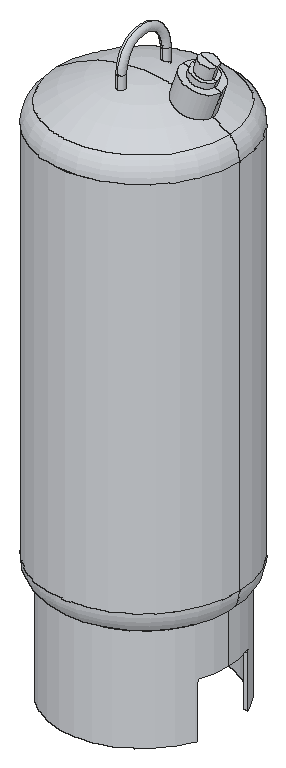
Revit family
Parameters (values of type "WX-50-CL 125# W.P.")
  Weight = "76 lbs"
  Tank Volume = "13 Gal"
  Tank Only/Less Stand = 31.402"
  Tank Height/Length = 35.063"
  Tank Diameter = 12.000"
  Pipe Connector Diameter = Pipe Connection Radius * 2  # 1.250"
  Pipe Connection Radius = 0.625"
  Model = "WX-50-CL"
  Maximum Acceptance Volume = "11 Gal"
  Max Operating Temp = "240 DEG F"
  Max Operating Pressure = "125 PSI"
  Manufacturer = "Amtrol"
  Lifting Ring Location = 3.500" / 2  # 1.750"
  Floor to Elbow Centerline = 1.688"
  Floor to Bottom of Tank = 3.661"
  Bladder/Diaphragm = "Bladder"
  ASME = yes
Reference planes (in)
  plane 1 "Center (Front/Back)": y = 0
  plane 2: z = 0
  plane 3 "Center (Left/Right)": x = 0
Forms (in)
  Revolve 1, solid
    sketch origin (0, 0, 0) x (1, 0, 0) y (0, 0, 1)
      loop
        line (3.20454, 4.357) -> (3.20454, 5.38871)
        arc (3.20454, 5.38871) -> (3.28098, 5.44343) -> (3.30625, 5.53397) r 0.14146
        arc (3.30625, 5.53397) -> (4.36924, 6.00724) -> (5.35602, 6.62385) r 8.34036
        arc (5.35602, 6.62385) -> (5.85151, 7.204) -> (6.02962, 7.94587) r 1.6341
        line (6.02962, 7.94587) -> (6.02962, 32.01863)
        arc (6.02962, 32.01863) -> (5.87295, 32.7404) -> (5.40065, 33.30822) r 1.55337
        arc (5.40065, 33.30822) -> (2.84317, 34.62525) -> (0, 35.063) r 8.95075
        line (0, 35.063) -> (0, 3.661) -> (3.19936, 3.661) -> (3.19936, 4.161) -> (2.165, 4.161) -> (2.165, 4.357) -> (3.20454, 4.357)
      axis (0, 3.661) -> (0, 35.063)
    angle from 0 to 360
  Revolve 2, solid
    sketch origin (0, 0, 0) x (1, 0, 0) y (0, 0, 1)
      loop
        line (3.1094, 34.2955) -> (4.28625, 33.86716) -> (4.88478, 35.51162) -> (4.468, 35.66332) -> (4.59637, 36.01603) -> (4.36507, 36.10022) -> (4.63254, 36.83509) -> (4.10378, 37.02755) -> (3.1094, 34.2955)
      axis (4.10378, 37.02755) -> (3.1094, 34.2955)
    angle from 0 to 360
  Revolve 3, solid
    sketch origin (0, 0, 0) x (1, 0, 0) y (0, 0, 1)
      loop
        line (-5.33638, 0) -> (-5.08638, 0) -> (-5.08638, 7.44707) -> (-5.33638, 7.44707) -> (-5.33638, 0)
      axis (0, 0) -> (0, 7.44707)
    angle from 0 to 360
  Revolve 4, solid
    sketch origin (0, 0, 0) x (1, 0, 0) y (0, 0, 1)
      loop
        line (0.6492, 3.3675) -> (0.6492, 4.19707) -> (0, 4.19707) -> (0, 3.3675) -> (0.6492, 3.3675)
      axis (0, 3.3675) -> (0, 4.19707)
    angle from 0 to 360
  Extrusion 5, void
    sketch origin (0, 0, 0) x (0, 1, 0) y (0, 0, 1)
      loop
        line (0, 3.5) -> (-1.75, 3.5)
        arc (-1.75, 3.5) -> (-1.92678, 3.42678) -> (-2, 3.25) r 0.25
        line (-2, 3.25) -> (-2, -0.25) -> (2, -0.25) -> (2, 3.25)
        arc (2, 3.25) -> (1.92678, 3.42678) -> (1.75, 3.5) r 0.25
        line (1.75, 3.5) -> (0, 3.5)
    from 2.84574 to 12
  Sweep 6, solid
    path origin (0, 0, 0) x (1, 0, 0) y (0, 0, 1)
      loop
        line (0, 3.188) -> (0, 2.886)
        arc (0, 2.886) -> (0.35089, 2.03889) -> (1.198, 1.688) r 1.198
        line (1.198, 1.688) -> (1.5, 1.688)
    profile origin (0, 0, 3.037) x (0, -1, 0) y (1, 0, 0)
      loop
        circle (0, 0) r 0.75
  Sweep 7, solid
    path origin (0, 0, -0.35777) x (0, 1, 0) y (0, 0, 1)
      loop
        line (1.75, 35.08602) -> (1.75, 36.00246)
        arc (1.75, 36.00246) -> (0, 37.75246) -> (-1.75, 36.00246) r 1.75
        line (-1.75, 36.00246) -> (-1.75, 35.08602)
    profile origin (0, 1.75, 35.18648) x (0, -1, 0) y (1, 0, 0)
      loop
        circle (0, 0) r 0.25
Cuts and joins
  Extrusion 5 cuts Revolve 3
  Extrusion 5 cuts Revolve 4
Dimensions and locks (in)
  "Floor to Elbow Centerline": Sweep 6 sketch curve to cut or joined group of Revolve 3, Extrusion 5
  "Lifting Ring Location": Sweep 7 sketch curve to plane 1 "Center (Front/Back)"
  Revolve 1 sketch curve to Revolve 1 sketch curve = 7.39738"
  "Floor to Bottom of Tank": Revolve 1 sketch curve to cut or joined group of Revolve 3, Extrusion 5
  "Tank Only/Less Stand": Revolve 1 sketch curve to Revolve 1 sketch curve
  Revolve 2 sketch curve to Revolve 2 sketch curve = 0.5627"
  Revolve 2 sketch curve to Revolve 2 sketch curve = 2.90738"
  Revolve 2 sketch curve to Revolve 2 sketch curve = 2.12534"
  Revolve 2 sketch curve to Revolve 2 sketch curve = 1.750"
  Revolve 2 sketch curve to Revolve 1 = 1.84853"
  Revolve 2 sketch curve to Revolve 1 = 2.27687"
  Revolve 1 to Sweep 7 sketch curve = 2.70963"  (x2)
  aligned and locked: plane 1 "Center (Front/Back)" to import instance
  aligned and locked: import instance to plane 3 "Center (Left/Right)"
Automatic sketch dimensions
  Revolve 4 sketch curve to plane 3 "Center (Left/Right)" = 0.000"  (x2)
  plane 3 "Center (Left/Right)" to Revolve 4 sketch curve = 0.6492"
  level to Revolve 4 sketch curve = 3.3675"
  Revolve 4 sketch curve to Revolve 4 sketch curve = 0.000"
  Revolve 4 sketch curve to Revolve 4 sketch curve = 0.82957"
  Revolve 4 sketch curve to Revolve 4 sketch curve = 1.25068"
  Extrusion 5 sketch curve to plane 1 "Center (Front/Back)" = 0.000"
  plane 1 "Center (Front/Back)" to Extrusion 5 sketch curve = 1.750"
  Extrusion 5 sketch curve to Extrusion 5 sketch curve = 0.250"  (x2)
  Extrusion 5 sketch curve to plane 1 "Center (Front/Back)" = 1.750"
  Extrusion 5 sketch curve to level = 0.250"
  level to Extrusion 5 sketch curve = 3.250"
  Sweep 6 sketch curve to plane 3 "Center (Left/Right)" = 0.000"
  Sweep 6 sketch curve to Sweep 6 sketch curve = 1.198"
  Sweep 6 sketch curve to Sweep 6 sketch curve = 0.302"  (x2)
  plane 1 "Center (Front/Back)" to Sweep 6 sketch curve = 0.000"
  Sweep 6 sketch curve to profile plane = 0.000"
  plane 1 "Center (Front/Back)" to Sweep 7 sketch curve = 0.000"
  Sweep 7 sketch curve to Sweep 7 sketch curve = 0.91644"
  Sweep 7 sketch curve to plane 3 "Center (Left/Right)" = 0.000"
  Sweep 7 sketch curve to profile plane = 0.000"
  Revolve 3 sketch curve to level = 0.000"  (x2)
  Revolve 3 sketch curve to plane 3 "Center (Left/Right)" = 0.000"
  Revolve 3 sketch curve to plane 3 "Center (Left/Right)" = 5.08638"
  Revolve 3 sketch curve to Revolve 3 sketch curve = 0.250"
  level to Revolve 3 sketch curve = 7.44707"
  Revolve 3 sketch curve to Revolve 3 sketch curve = 1.05293"
  Revolve 1 sketch curve to plane 3 "Center (Left/Right)" = 0.000"  (x2)
  plane 3 "Center (Left/Right)" to Revolve 1 sketch curve = 0.07724"
  plane 3 "Center (Left/Right)" to Revolve 1 sketch curve = 0.45368"
  plane 3 "Center (Left/Right)" to Revolve 1 sketch curve = 2.165"
  Revolve 1 sketch curve to Revolve 1 sketch curve = 1.0001"
  Revolve 1 sketch curve to Revolve 1 sketch curve = 1.03436"
  Revolve 1 sketch curve to Revolve 1 sketch curve = 0.00518"
  Revolve 1 sketch curve to Revolve 1 sketch curve = 0.14115"
  Revolve 1 sketch curve to Revolve 1 sketch curve = 1.08927"
  Revolve 1 sketch curve to Revolve 1 sketch curve = 0.9605"
  Revolve 1 sketch curve to Revolve 1 sketch curve = 0.000"  (x3)
  Revolve 1 sketch curve to Revolve 1 sketch curve = 0.92386"
  Revolve 1 sketch curve to Revolve 1 sketch curve = 0.62898"
  Revolve 1 sketch curve to Revolve 1 sketch curve = 0.500"
  Revolve 1 sketch curve to Revolve 1 sketch curve = 0.196"
  Revolve 1 sketch curve to Revolve 1 sketch curve = 1.03171"
  Revolve 1 sketch curve to Revolve 1 sketch curve = 0.13585"
  Revolve 1 sketch curve to Revolve 1 sketch curve = 6.0341"
  Revolve 1 sketch curve to Revolve 1 sketch curve = 4.47679"
  plane 3 "Center (Left/Right)" to Revolve 2 sketch curve = 2.7357"
  Revolve 2 sketch curve to Revolve 2 sketch curve = 0.3737"
  Revolve 2 sketch curve to Revolve 2 sketch curve = 0.000"  (x2)
  Revolve 2 sketch curve to Revolve 2 sketch curve = 0.10293"
  Revolve 2 sketch curve to Revolve 2 sketch curve = 0.2313"
  radius of Sweep 6 sketch curve = 0.750"
  radius of Sweep 7 sketch curve = 0.250"
Connectors (in)
  piping at (1.5, 0, 1.688), driven by "Pipe Connection Radius"
    settings: on Sweep 6, index 1
